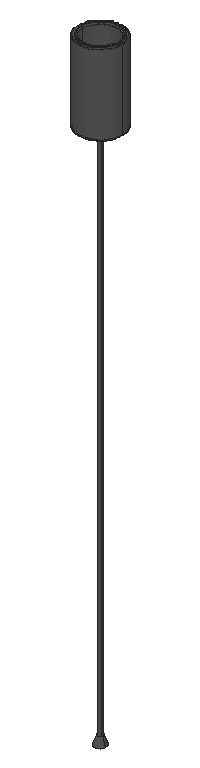
Revit family "CARLO CYLINDER LIGHT Pendant_ Surface", category Lighting Fixtures, host Face, Revit 2020 (continued)
Types (13): name | Wattage_Input | Wattage Comments | Wattage | built-in parameter 1150134 | Size 08 | Size 04 | Photometric Web File | built-in parameter 1150142 | Model | built-in parameter 1150105 | Lumens | built-in parameter 1150107 | built-in parameter 1150106 | Fixture Height | Fixture Diameter | BEAMING ANGLE | Apparent Load
    \n 508.62 520.77 533.3 545.82 558.45 571.33 583.93 595.6 606.81 617.85 \r\n 628.64 639.17 649.41 659.28 668.84 678.07 687.17 696.46 705.55 714.17 \r\n 722.3 729.76 736.83 743.7 750.55 757.77 764.88 771.47 777.7 783.55 \r\n 789.2 794.88 800.41 805.76 810.75 815 819.07 823.59 827.93 831.5 \r\n 834.71 837.79 840.6 843 845.14 847.24 848.99 850.12 850.8 851.11 \r\n 849.27 \r\n2.1273 851.12 850.66 849.56 848.06 846.38 844.47 842.41 840 836.94 \r\n 833.69 830.71 827.64 824.21 820.54 816.6 812.53 808.52 804.31 799.68 \r\n 794.66 789.22 783.38 777.04 770.6 764.63 758.51 751.8 744.46 736.06 \r\n 727.34 719.15 710.76 701.62 691.97 681.65 671.21 661.33 651.38 640.86 \r\n 630.08 619.28 608.21 596.62 584.78 572.89 560.78 548.24 535.53 522.57 \r\n 510.26 499.9 490.27 480.54 470.91 461.23 451.8 443.03 434.43 425.48 \r\n 416.63 408.31 400.05 391.45 382.76 374.18 365.48 356.5 347.26 337.9 \r\n 327.89 317.31 304.61 287.55 268.29 248.14 227.54 207.39 187.64 168.59 \r\n 150 131.73 113.88 96.365 79.607 63.654 49.586 38.623 30.385 25.354 \r\n 22.155 19.584 17.605 15.731 14.118 12.752 11.657 10.909 10.332 9.7704 \r\n 9.242 8.6933 8.1829 7.7653 7.399 7.0605 6.7498 6.4603 6.1883 5.9249 \r\n 5.679 5.4659 5.2585 5.0271 4.7957 4.5788 4.3748 4.1924 4.0162 3.8288 \r\n 3.6444 3.474 3.3097 3.1481 2.9877 2.8212 2.6625 2.5284 2.4026 2.2712 \r\n 2.1428 2.0208 1.9067 1.8065 1.7113 1.6122 1.5158 1.4262 1.3421 1.2666 \r\n 1.1944 1.1205 1.048 0.97769 0.91156 0.85315 0.79882 0.74653 0.69503 0.64035 \r\n 0.58861 0.54738 0.50838 0.46327 0.41984 0.38545 0.35303 0.31538 0.28022 0.25467 \r\n 0.23332 0.21352 0.19414 0.17121 0.15064 0.14188 0.13039 0.098434 0.06498 0.046209 \r\n 0.032779 0.020047 0.010093 0.0036939 0.00011595 0 0 0 0 0 \r\n 0 0 0 0 0 0 0.00033901 0.018519 0.038476 0.046164 \r\n 0.053024 0.06748 0.084542 0.10118 0.11994 0.14375 0.16847 0.19053 0.21114 0.22899 \r\n 0.24818 0.2733 0.30171 0.332 0.3651 0.40146 0.44105 0.48567 0.53041 0.56809 \r\n 0.60734 0.6564 0.70919 0.76205 0.81586 0.86898 0.92525 0.98863 1.0571 1.1315 \r\n 1.2067 1.2741 1.3453 1.4363 1.537 1.6439 1.7523 1.8514 1.9556 2.0781 \r\n 2.2113 2.3554 2.5 2.6298 2.7601 2.902 3.0527 3.2163 3.3832 3.5386 \r\n 3.7013 3.8917 4.0894 4.2768 4.4658 4.6619 4.8667 5.0891 5.3129 5.5154 \r\n 5.7245 5.9641 6.2243 6.5038 6.8013 7.1118 7.4451 7.8074 8.2031 8.6434 \r\n 9.1144 9.5891 10.118 10.699 11.461 12.541 13.909 15.599 17.563 19.697 \r\n 22.204 24.829 28.842 35.288 44.586 58.085 74.043 91.122 109.46 128.81 \r\n 148.96 169.7 190.71 211.7 232.48 253.05 272.66 290.48 306.7 321.42 \r\n 334.05 343.39 351.44 360.07 368.47 376.23 383.94 392.22 400.48 408.11 \r\n 415.75 423.96 432.45 441.11 450.01 459.17 468.54 477.99 487.78 498.12 \r\n 509.12 521.12 533.59 546.08 558.66 571.42 583.89 595.51 606.72 617.83 \r\n 628.69 639.32 649.62 659.44 668.95 678.27 687.41 696.55 705.43 713.8 \r\n 721.81 729.56 736.95 743.74 750.42 757.54 764.61 771.32 777.67 783.42 \r\n 788.96 794.75 800.43 805.8 810.83 815.31 819.57 824.05 828.26 831.76 \r\n 834.89 837.92 840.68 843.07 845.22 847.29 849.02 850.14 850.81 851.09 \r\n 849.27 \r\n2.1273 851.18 850.74 849.53 847.92 846.29 844.42 842.24 839.76 836.89 \r\n 833.81 830.74 827.51 824.07 820.4 816.42 812.32 808.35 804.17 799.45 \r\n 794.36 788.97 783.28 777.26 771.03 764.77 758.28 751.48 744.13 735.69 \r\n 726.92 718.64 710.15 700.92 691.22 681.05 670.72 660.62 650.42 639.91 \r\n 629.17 618.26 607.1 595.6 583.82 571.75 559.45 546.93 534.32 521.49 \r\n 509.26 498.68 488.83 479.06 469.51 460 450.7 441.85 433.11 424.12 \r\n 415.25 406.91 398.61 389.89 381.11 372.59 363.97 354.96 345.67 336.33 \r\n 326.29 315.35 302.28 285.12 265.92 245.99 225.65 205.69 186.02 166.83 \r\n 148.09 129.76 111.98 94.75 78.337 62.635 48.756 37.875 29.704 24.836 \r\n 21.796 19.301 17.366 15.523 13.936 12.607 11.547 10.826 10.267 9.7053 \r\n 9.1736 8.6332 8.1342 7.7276 7.3719 7.043 6.7397 6.4525 6.1819 5.9235 \r\n 5.6826 5.471 5.2642 5.0333 4.8032 4.5911 4.3919 4.2105 4.0335 3.8442 \r\n 3.6581 3.4884 3.3253 3.1619 3.0016 2.8432 2.6922 2.5575 2.4279 2.2912 \r\n 2.1585 2.0385 1.9259 1.8186 1.7165 1.6184 1.5249 1.4368 1.3532 1.2764 \r\n 1.2033 1.1313 1.061 0.99096 0.9246 0.86615 0.81178 0.75923 0.70797 0.65525 \r\n 0.60547 0.56446 0.5252 0.47985 0.43668 0.40429 0.37385 0.33639 0.30094 0.27508 \r\n 0.25419 0.23791 0.22101 0.19495 0.16929 0.15405 0.13933 0.11612 0.091861 0.071959 \r\n 0.0536 0.034786 0.018472 0.0071598 0.00021222 0 0 0 0 0 \r\n 0 0 0 0 0 0 0.00021519 0.011785 0.024598 0.029613 \r\n 0.034756 0.045387 0.060168 0.080404 0.10353 0.12812 0.15211 0.17227 0.19076 0.20714 \r\n 0.22588 0.25323 0.28335 0.31067 0.34055 0.37751 0.41851 0.46349 0.50808 0.54446 \r\n 0.58287 0.63403 0.6887 0.73964 0.79149 0.84608 0.90458 0.96945 1.0386 1.1121 \r\n 1.1863 1.2543 1.3267 1.4173 1.5163 1.6197 1.7235 1.8168 1.9166 2.0403 \r\n 2.176 2.3197 2.4647 2.5996 2.7345 2.8753 3.0232 3.1841 3.3493 3.5069 \r\n 3.6718 3.8606 4.0561 4.2428 4.4323 4.6318 4.839 5.0578 5.2776 5.4814 \r\n 5.6927 5.9324 6.1923 6.4717 6.7692 7.0799 7.4128 7.7727 8.1662 8.6077 \r\n 9.0779 9.5421 10.062 10.649 11.42 12.501 13.875 15.591 17.586 19.746 \r\n 22.267 24.869 28.869 35.413 44.725 57.854 73.473 90.624 109.26 129.18 \r\n 149.84 170.62 191.53 212.54 233.21 253.18 272.26 290.3 306.93 321.83 \r\n 334.62 344.14 352.32 360.94 369.3 377.09 384.84 393.14 401.4 409.01 \r\n 416.64 424.91 433.46 442.1 450.99 460.28 469.78 479.26 488.97 498.93 \r\n 509.52 521.35 533.74 546.18 558.73 571.34 583.68 595.25 606.46 617.63 \r\n 628.58 639.31 649.69 659.48 668.97 678.39 687.62 696.59 705.24 713.35 \r\n 721.23 729.31 737.06 743.81 750.34 757.32 764.31 771.11 777.57 783.28 \r\n 788.78 794.65 800.43 805.8 810.87 815.6 820.08 824.49 828.56 831.97 \r\n 835.02 837.99 840.73 843.13 845.3 847.34 849.03 850.15 850.82 851.09 \r\n 849.27 \r\n2.1273 851.25 850.8 849.5 847.8 846.2 844.38 842.09 839.53 836.84 \r\n 833.94 830.78 827.43 823.95 820.27 816.27 812.14 808.19 804.02 799.21 \r\n 794.06 788.7 783.13 777.44 771.45 764.91 758.04 751.12 743.73 735.26 \r\n 726.46 718.08 709.48 700.14 690.4 680.38 670.16 659.84 649.4 638.91 \r\n 628.23 617.21 605.94 594.54 582.83 570.57 558.08 545.56 533.04 520.37 \r\n 508.22 497.44 487.36 477.56 468.06 458.72 449.57 440.62 431.75 422.72 \r\n 413.83 405.46 397.11 388.28 379.41 370.97 362.43 353.39 344.04 334.74 \r\n 324.64 313.29 299.82 282.58 263.47 243.8 223.75 203.97 184.37 165.04 \r\n 146.1 127.69 109.93 92.965 76.885 61.455 47.801 37.036 28.964 24.286 \r\n 21.423 19.01 17.117 15.307 13.746 12.455 11.431 10.738 10.198 9.6378 \r\n 9.1046 8.5738 8.0872 7.6926 7.3482 7.0288 6.7323 6.4469 6.1773 5.9239 \r\n 5.6877 5.4772 5.2705 5.0401 4.8117 4.6046 4.41 4.2291 4.0509 3.8592 \r\n 3.6711 3.5024 3.3405 3.1752 3.0146 2.8641 2.7207 2.5854 2.4519 2.3098 \r\n 2.1727 2.0546 1.9437 1.83 1.7214 1.6243 1.5337 1.4468 1.3637 1.286 \r\n 1.2121 1.1418 1.0734 1.0037 0.93725 0.87888 0.82454 0.77167 0.72053 0.66959 \r\n 0.62161 0.58079 0.5413 0.49581 0.45296 0.42239 0.39379 0.35673 0.32117 0.29477 \r\n 0.27396 0.2607 0.24599 0.2173 0.18713 0.16549 0.14742 0.13256 0.1172 0.096394 \r\n 0.073488 0.048895 0.026494 0.010481 0.00030422 0 0 0 0 0 \r\n 0 0 0 0 0 0 0.000097 0.0051584 0.011185 0.014546 \r\n 0.01901 0.026307 0.038934 0.062391 0.08941 0.11459 0.13784 0.15626 0.17281 0.1879 \r\n 0.20625 0.23563 0.26732 0.2921 0.31916 0.35649 0.39849 0.44346 0.48766 0.52296 \r\n 0.56078 0.61379 0.67006 0.7192 0.76927 0.82535 0.88598 0.95198 1.0216 1.094 \r\n 1.1673 1.2361 1.3097 1.3996 1.4966 1.5963 1.6956 1.7835 1.8792 2.0038 \r\n 2.1415 2.2846 2.4298 2.5699 2.7094 2.8489 2.9939 3.1525 3.3163 3.4759 \r\n 3.6426 3.8295 4.0228 4.2089 4.399 4.6016 4.8111 5.0262 5.2423 5.4479 \r\n 5.662 5.9013 6.1603 6.4396 6.737 7.0472 7.379 7.7364 8.1275 8.5701 \r\n 9.0399 9.4948 10.007 10.598 11.376 12.453 13.828 15.567 17.589 19.773 \r\n 22.305 24.879 28.858 35.497 44.811 57.533 72.763 89.93 108.79 129.19 \r\n 150.29 171.06 191.84 212.85 233.42 252.83 271.45 289.73 306.77 321.89 \r\n 334.87 344.62 352.98 361.63 369.97 377.82 385.61 393.92 402.18 409.79 \r\n 417.45 425.78 434.38 442.99 451.86 461.24 470.83 480.35 489.98 499.57 \r\n 509.75 521.39 533.66 546.06 558.56 571.04 583.26 594.78 606.01 617.22 \r\n 628.25 639.09 649.56 659.34 668.82 678.38 687.69 696.51 704.93 712.81 \r\n 720.59 728.99 737.08 743.84 750.26 757.09 763.96 770.82 777.37 783.09 \r\n 788.6 794.51 800.34 805.73 810.85 815.82 820.51 824.85 828.78 832.1 \r\n 835.09 838.02 840.74 843.18 845.38 847.37 849.01 850.14 850.82 851.09 \r\n 849.27 \r\n2.1273 851.29 850.84 849.47 847.7 846.14 844.34 841.97 839.36 836.83 \r\n 834.08 830.87 827.42 823.91 820.21 816.2 812.06 808.09 803.88 799.01 \r\n 793.8 788.48 783.03 777.66 771.89 765.1 757.89 750.83 743.36 734.87 \r\n 726.05 717.57 708.84 699.4 689.62 679.73 669.6 659.09 648.45 637.99 \r\n 627.38 616.26 604.9 593.57 581.92 569.52 556.86 544.33 531.86 519.33 \r\n 507.28 496.34 486.07 476.23 466.77 457.57 448.53 439.5 430.5 421.45 \r\n 412.54 404.12 395.71 386.78 377.85 369.46 361 351.93 342.53 333.26 \r\n 323.09 311.31 297.43 280.14 261.17 241.79 222.05 202.43 182.88 163.4 \r\n 144.28 125.76 107.99 91.217 75.411 60.234 46.809 36.186 28.243 23.762 \r\n 21.078 18.742 16.887 15.106 13.568 12.311 11.321 10.654 10.132 9.5756 \r\n 9.0437 8.5231 8.0488 7.6659 7.332 7.0206 6.7296 6.4453 6.176 5.9267 \r\n 5.6943 5.484 5.2768 5.0472 4.8205 4.6178 4.4271 4.246 4.0661 3.8718 \r\n 3.6816 3.514 3.3534 3.1861 3.0248 2.8807 2.7437 2.6078 2.4711 2.324 \r\n 2.1828 2.0667 1.9576 1.8389 1.7253 1.6289 1.5404 1.4546 1.3719 1.2937 \r\n 1.2195 1.1502 1.0831 1.0136 0.94719 0.88897 0.83469 0.78153 0.73041 0.68077 \r\n 0.63414 0.59345 0.5538 0.50827 0.46573 0.43649 0.40927 0.37278 0.33731 0.31016 \r\n 0.28897 0.27777 0.26466 0.2343 0.20097 0.17395 0.15285 0.1446 0.13641 0.11504 \r\n 0.088725 0.059765 0.032722 0.013071 0.00037568 0 0 0 0 0 \r\n 0 0 0 0 0 0 0 0 0 0.0029607 \r\n 0.0079125 0.012896 0.023841 0.04963 0.079451 0.105 0.12763 0.14477 0.15988 0.17394 \r\n 0.19194 0.2228 0.25569 0.27882 0.30396 0.34137 0.38376 0.42826 0.47183 0.50651 \r\n 0.54413 0.59837 0.65562 0.70328 0.75199 0.80947 0.87191 0.93842 1.008 1.0795 \r\n 1.1521 1.2218 1.2964 1.3853 1.4803 1.5769 1.6725 1.7578 1.849 1.9738 \r\n 2.1126 2.2552 2.4008 2.5452 2.6886 2.8269 2.9692 3.1262 3.2893 3.45 \r\n 3.6178 3.8028 3.9939 4.1797 4.3705 4.5757 4.7868 4.9987 5.2115 5.4194 \r\n 5.6363 5.8749 6.1324 6.4116 6.7086 7.0175 7.3474 7.7023 8.0914 8.5341 \r\n 9.0029 9.4507 9.9562 10.55 11.33 12.398 13.769 15.525 17.569 19.772 \r\n 22.311 24.849 28.791 35.487 44.766 57.082 71.913 89.028 108.01 128.71 \r\n 150.08 170.8 191.45 212.43 232.91 251.9 270.19 288.69 306.11 321.49 \r\n 334.71 344.74 353.32 362.03 370.38 378.3 386.15 394.45 402.71 410.37 \r\n 418.08 426.47 435.11 443.66 452.47 461.89 471.53 481.08 490.63 499.9 \r\n 509.72 521.14 533.28 545.62 558.09 570.46 582.58 594.09 605.32 616.56 \r\n 627.64 638.58 649.15 658.95 668.44 678.14 687.54 696.23 704.46 712.16 \r\n 719.88 728.55 736.93 743.76 750.13 756.81 763.53 770.42 777.04 782.81 \r\n 788.36 794.28 800.11 805.52 810.73 815.92 820.79 825.08 828.88 832.13 \r\n 835.08 837.99 840.71 843.21 845.45 847.4 848.98 850.1 850.8 851.09 \r\n 849.27 \r\n2.1273 851.19 850.66 849.41 847.77 846.17 844.32 842.02 839.5 836.97 \r\n 834.23 831.14 827.81 824.33 820.64 816.69 812.59 808.5 804.16 799.2 \r\n 794 788.87 783.65 778.38 772.65 765.89 758.65 751.42 743.76 735.24 \r\n 726.4 717.83 709.01 699.45 689.55 679.61 669.46 658.96 648.37 638.04 \r\n 627.53 616.4 605 593.64 581.99 569.68 557.09 544.47 531.91 519.41 \r\n 507.43 496.62 486.44 476.57 467.02 457.72 448.6 439.54 430.53 421.46 \r\n 412.52 404 395.5 386.53 377.57 369.16 360.68 351.59 342.17 332.89 \r\n 322.64 310.52 296.38 279.25 260.6 241.61 222.19 202.61 182.99 163.5 \r\n 144.35 125.73 107.84 90.901 74.956 59.745 46.355 35.846 28.04 23.663 \r\n 21.055 18.743 16.889 15.106 13.562 12.305 11.315 10.651 10.134 9.5886 \r\n 9.0676 8.5512 8.0793 7.7008 7.3697 7.0557 6.7606 6.4743 6.203 5.9496 \r\n 5.7131 5.4995 5.2904 5.0614 4.8358 4.6324 4.4401 4.2565 4.0736 3.8759 \r\n 3.6832 3.5169 3.3577 3.1888 3.0243 2.8755 2.7346 2.6 2.4651 2.3165 \r\n 2.1737 2.0587 1.9518 1.8366 1.7257 1.6284 1.5382 1.4509 1.3677 1.2914 \r\n 1.2187 1.1473 1.0774 1.0071 0.94036 0.88194 0.82764 0.77482 0.72363 0.67225 \r\n 0.62388 0.58316 0.54384 0.49823 0.45522 0.42454 0.39606 0.36016 0.32517 0.29653 \r\n 0.2733 0.25984 0.24564 0.21795 0.18793 0.16273 0.14156 0.12859 0.11599 0.095492 \r\n 0.072574 0.049092 0.027625 0.011182 0.00031737 0 0 0 0 0 \r\n 0 0 0 0 0 0 0.000026 0.00048063 0.0030266 0.010313 \r\n 0.019786 0.027906 0.040278 0.063966 0.091043 0.11579 0.13864 0.15742 0.17414 0.18809 \r\n 0.20527 0.23448 0.26664 0.29308 0.32136 0.35753 0.39749 0.44008 0.48259 0.51892 \r\n 0.55803 0.61028 0.66526 0.71302 0.76248 0.82075 0.88324 0.94719 1.0142 1.086 \r\n 1.1597 1.231 1.3068 1.3941 1.4874 1.5855 1.6839 1.7713 1.8666 1.9897 \r\n 2.1263 2.2697 2.4162 2.5591 2.7009 2.8387 2.9814 3.1409 3.3056 3.4631 \r\n 3.6268 3.8106 4.0015 4.1879 4.3793 4.5835 4.7933 5.0038 5.2161 5.4263 \r\n 5.6451 5.8822 6.1373 6.4155 6.7107 7.0143 7.3394 7.6953 8.0847 8.5202 \r\n 8.9818 9.4302 9.9362 10.526 11.294 12.334 13.68 15.434 17.481 19.687 \r\n 22.204 24.679 28.496 34.95 43.952 56.038 70.635 87.501 106.17 126.35 \r\n 147.24 167.85 188.49 209.39 229.87 249.16 267.75 286.15 303.52 319.43 \r\n 333.27 343.64 352.45 361.28 369.7 377.72 385.64 393.9 402.12 409.94 \r\n 417.83 426.24 434.82 443.23 451.87 461.11 470.6 480.06 489.57 498.84 \r\n 508.63 519.87 531.81 544.05 556.47 568.91 581.12 592.67 603.9 615.05 \r\n 626.05 637.03 647.69 657.61 667.22 676.95 686.35 695.05 703.31 711.14 \r\n 718.97 727.62 736 743.02 749.57 756.22 762.85 769.67 776.25 782.07 \r\n 787.66 793.48 799.23 804.77 810.14 815.41 820.33 824.64 828.46 831.77 \r\n 834.79 837.8 840.63 843.22 845.51 847.41 848.91 849.97 850.65 851.03 \r\n 849.27 \r\n2.1273 851.06 850.46 849.34 847.87 846.21 844.3 842.11 839.7 837.13 \r\n 834.38 831.44 828.27 824.81 821.12 817.25 813.18 808.97 804.47 799.43 \r\n 794.25 789.34 784.33 779.11 773.39 766.71 759.49 752.08 744.23 735.66 \r\n 726.8 718.16 709.24 699.57 689.57 679.54 669.35 658.9 648.4 638.19 \r\n 627.77 616.65 605.22 593.82 582.16 569.97 557.48 544.77 532.09 519.6 \r\n 507.7 497.05 487.02 477.11 467.46 458.04 448.81 439.72 430.71 421.62 \r\n 412.65 404.04 395.43 386.43 377.45 369 360.47 351.38 341.95 332.64 \r\n 322.3 309.86 295.47 278.52 260.2 241.59 222.48 202.91 183.23 163.75 \r\n 144.59 125.88 107.84 90.672 74.519 59.248 45.891 35.524 27.882 23.605 \r\n 21.06 18.765 16.906 15.118 13.568 12.306 11.314 10.649 10.135 9.6029 \r\n 9.0957 8.5843 8.1148 7.7397 7.4099 7.0917 6.7913 6.5028 6.2292 5.9709 \r\n 5.7293 5.512 5.3006 5.0723 4.8477 4.643 4.4483 4.2618 4.0758 3.875 \r\n 3.6803 3.5151 3.3572 3.1868 3.0192 2.864 2.7178 2.5846 2.4524 2.3032 \r\n 2.1598 2.0454 1.9405 1.8303 1.7236 1.6253 1.5326 1.4436 1.3599 1.2858 \r\n 1.2149 1.1408 1.0677 0.99661 0.92985 0.87131 0.81702 0.76456 0.71321 0.65975 \r\n 0.6093 0.56846 0.52948 0.48392 0.44049 0.40787 0.3777 0.34253 0.30825 0.27809 \r\n 0.25254 0.2358 0.21987 0.19588 0.17062 0.14852 0.12778 0.1082 0.089253 0.069917 \r\n 0.051506 0.034845 0.020383 0.0083781 0.00023442 0 0 0 0 0 \r\n 0 0 0 0 0 0 0.000075 0.0026712 0.008619 0.020951 \r\n 0.035511 0.047636 0.061882 0.082509 0.10574 0.12959 0.1529 0.17371 0.19245 0.20663 \r\n 0.22311 0.25011 0.2811 0.31152 0.3437 0.37852 0.41571 0.45605 0.4973 0.53566 \r\n 0.57655 0.62624 0.67838 0.72662 0.77726 0.83613 0.89828 0.9592 1.0234 1.0957 \r\n 1.1706 1.2436 1.3204 1.4057 1.4975 1.5978 1.6998 1.7923 1.8914 2.0124 \r\n 2.146 2.2903 2.4378 2.5783 2.7174 2.8547 2.9982 3.161 3.3278 3.4816 \r\n 3.6408 3.8233 4.0141 4.2014 4.3934 4.596 4.804 5.0137 5.2263 5.4386 \r\n 5.6592 5.8948 6.1475 6.4245 6.7176 7.0155 7.3355 7.6924 8.0822 8.5094 \r\n 8.963 9.4142 9.9223 10.505 11.259 12.268 13.584 15.329 17.372 19.576 \r\n 22.069 24.48 28.161 34.332 43.025 54.919 69.304 85.864 104.11 123.59 \r\n 143.85 164.3 184.93 205.74 226.25 245.99 265 283.27 300.57 317.02 \r\n 331.5 342.23 351.27 360.25 368.76 376.89 384.89 393.1 401.29 409.3 \r\n 417.36 425.79 434.29 442.56 451.01 460.03 469.32 478.68 488.16 497.49 \r\n 507.32 518.37 530.09 542.23 554.62 567.16 579.49 591.1 602.34 613.39 \r\n 624.29 635.3 646.03 656.1 665.84 675.57 684.97 693.71 702.06 710.07 \r\n 718.05 726.61 734.92 742.16 748.94 755.57 762.11 768.85 775.39 781.27 \r\n 786.92 792.6 798.24 803.92 809.46 814
